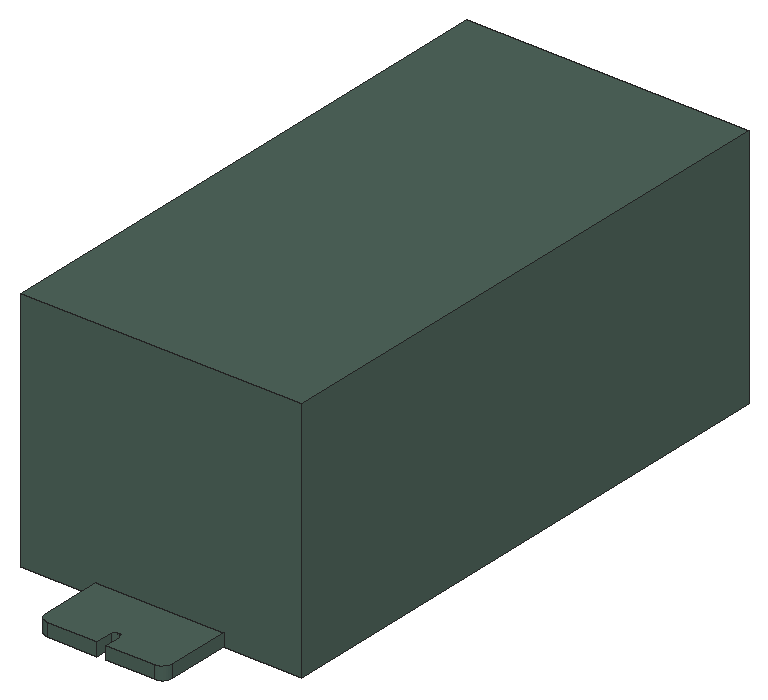
Revit family "KL", category Electrical Equipment, Revit 2021
Family settings
  Panel Configuration = Two Columns, Circuits Across
  Round Connector Dimension = Use Diameter
  Part Type = Panelboard
  OmniClass Number = 23.80.10.14
  OmniClass Title = Transformers
  Work Plane-Based = Yes
  Always vertical = Yes
  Cut with Voids When Loaded = No
  Shared = No
  Room Calculation Point = No
Parameters (values of type "KLV600")
  Width = 5.75"
  Wattage = "200"
  Voltage = "120"
  URL = "https://www.currentlighting.com/kimlighting"
  Type Comments = "In-grade Transformers"  # constant formula
  built-in parameter 1140142 [instance] = -1
  Series = "Transformers"  # constant formula
  Radius = Diameter / 2  # 2.50"
  Product Page URL = ""
  Product Documentation Link = ""
  Power Factor = 1
  Number of Poles = 1
  built-in parameter 1140081 [instance] = "Side knockout"
  Mount = yes
  Model = "KLV600"
  Manufacturer = "Kim Lighting"  # constant formula
  built-in parameter 1140140 [instance] = 1 (stored number, unit not read)
  Load Classification = Power
  Height = 11.38"
  Glass = Glass-Temper Molded
  Finish = Paint  - Green Textured
  built-in parameter 1155100 [instance] = -1
  built-in parameter 1140083 [instance] = "Stainless steel outdoor rated NEMA 3R"
  Diameter = 5.00"  # constant formula
  Description = "Formed 16 ga. stainless steel enclosure with integral hinge. Cover is secured with stainless steel screws. A through hole is provided in the bottom edge for a padlock (by others). For In-Grade transformer contact factory for information."  # constant formula
  Default Elevation = 48.00"
  Assembly Code = "D5020200"
  Apparent Load = 56 VA
Types (4): name | Width | Wattage | Mount | Model | Height
  (no name) | 5.75" | "200" | yes | "KLV600" | 11.38"
  KLV600 | 5.75" | "200" | yes | "KLV600" | 11.38"
  KLV605 | 5.75" | "300" | yes | "KLV605" | 11.38"
  KLV620 | 5.88" | "600" | no | "KLV620" | 17.50"
Reference planes (in)
  plane 1 "Light Source Axis (F/B)": y = 0
  plane 2: z = 0
  plane 3 "Light Source Axis (L/R)": x = 0
  plane 4 "Light Source Elevation": z = 37.62598
  plane 5: z = 7
  plane 6: x = 2.875
  plane 7: x = -2.875
  plane 8: y = 5.69
  plane 9: y = -5.69
Forms (in)
  Extrusion 1, solid, material "Paint  - Green Textured" <- "Finish"
    sketch origin (0, 0, 0) x (1, 0, 0) y (0, 1, 0)
      loop
        line (-2.875, 5.69) -> (-2.875, -5.69) -> (2.875, -5.69) -> (2.875, 5.69) -> (-2.875, 5.69)
    from 0 to 5
  Extrusion 2, solid, material "Paint  - Green Textured" <- "Finish", visible <- "Mount"
    sketch origin (0, 0, 0) x (1, 0, 0) y (0, 1, 0)
      loop
        line (-1.32522, 5.69) -> (1.27198, 5.69) -> (1.27198, 6.94)
        arc (1.27198, 6.94) -> (1.19875, 7.11678) -> (1.02198, 7.19) r 0.25
        line (1.02198, 7.19) -> (-1.07522, 7.19)
        arc (-1.07522, 7.19) -> (-1.252, 7.11678) -> (-1.32522, 6.94) r 0.25
        line (-1.32522, 6.94) -> (-1.32522, 5.69)
      loop
        arc (-0.10514, 6.43452) -> (0.01409, 5.9581) -> (0.07894, 6.44491) r 0.25
        line (0.07894, 6.44491) -> (0.07894, 6.78894)
        arc (0.07894, 6.78894) -> (-0.0131, 6.88097) -> (-0.10514, 6.78894) r 0.09204
        line (-0.10514, 6.78894) -> (-0.10514, 6.43452)
      loop
        line (-1.32522, -5.69) -> (-1.32522, -6.97056)
        arc (-1.32522, -6.97056) -> (-1.26095, -7.12573) -> (-1.10578, -7.19) r 0.21944
        line (-1.10578, -7.19) -> (-0.10514, -7.19) -> (-0.10514, -6.85144)
        arc (-0.10514, -6.85144) -> (-0.0131, -6.7594) -> (0.07894, -6.85144) r 0.09204
        line (0.07894, -6.85144) -> (0.07894, -7.19546) -> (1.07049, -7.19546)
        arc (1.07049, -7.19546) -> (1.21296, -7.13644) -> (1.27198, -6.99397) r 0.20149
        line (1.27198, -6.99397) -> (1.27198, -5.69) -> (-1.32522, -5.69)
    from 0 to 0.25766
Dimensions and locks (in)
  plane 5 to plane 2 = 7.00"
  "Height": plane 9 to plane 8
  "Width": plane 7 to plane 6
  equal spacing: plane 7, plane 3 "Light Source Axis (L/R)", plane 6
  equal spacing: plane 9, plane 1 "Light Source Axis (F/B)", plane 8
Automatic sketch dimensions
  Extrusion 1 sketch curve to plane 7 = 0.00"
  Extrusion 1 sketch curve to plane 6 = 0.00"
  plane 9 to Extrusion 1 sketch curve = 0.00"
  plane 8 to Extrusion 1 sketch curve = 0.00"
  plane 8 to Extrusion 2 sketch curve = 0.00"
  plane 9 to Extrusion 2 sketch curve = 0.00"
  Extrusion 2 sketch curve to plane 3 "Light Source Axis (L/R)" = 0.00"
  Extrusion 2 sketch curve to plane 3 "Light Source Axis (L/R)" = 0.0131"  (x2)
  Extrusion 2 sketch curve to plane 3 "Light Source Axis (L/R)" = 0.10514"  (x2)
  Extrusion 2 sketch curve to Extrusion 2 sketch curve = 0.97008"
  Extrusion 2 sketch curve to Extrusion 2 sketch curve = 1.00064"
  Extrusion 2 sketch curve to Extrusion 2 sketch curve = 0.21944"
  Extrusion 2 sketch curve to Extrusion 2 sketch curve = 0.25"  (x2)
  plane 3 "Light Source Axis (L/R)" to Extrusion 2 sketch curve = 1.02198"
  Extrusion 2 sketch curve to Extrusion 2 sketch curve = 0.99155"
  plane 3 "Light Source Axis (L/R)" to Extrusion 2 sketch curve = 1.27198"
  plane 9 to Extrusion 2 sketch curve = 1.16144"
  Extrusion 2 sketch curve to Extrusion 2 sketch curve = 0.11912"
  Extrusion 2 sketch curve to Extrusion 2 sketch curve = 0.14254"
  Extrusion 2 sketch curve to plane 8 = 0.5177"
  Extrusion 2 sketch curve to Extrusion 2 sketch curve = 0.22682"
  Extrusion 2 sketch curve to Extrusion 2 sketch curve = 0.35442"
  Extrusion 2 sketch curve to Extrusion 2 sketch curve = 0.15106"
Connectors (in)
  electrical at (0, 0, 0)
    settings: on Extrusion 1, index 1, voltage 120 V, apparent load 200 VA, apparent load phase1 0 VA, apparent load phase2 0 VA, apparent load phase3 0 VA, power factor 1, load classification "Other", number of poles 1, system type 30, power factor state 1, is connector primary yes, connector utility no, sub classification motor no, connector description "Transformer"
